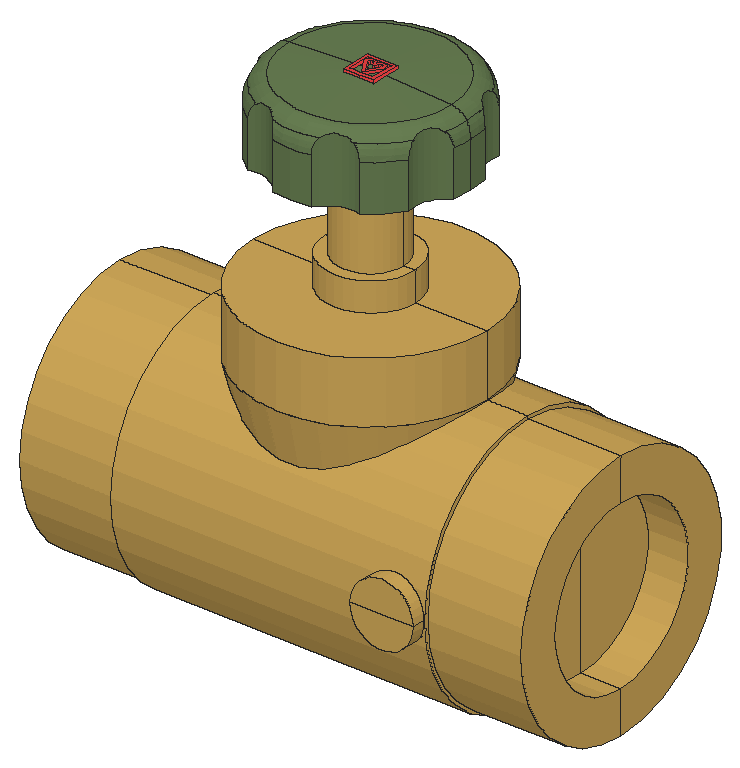
Revit family "Absperrventil 4215 W IG-IG", category Rohrzubehör, Revit 2021
Family settings
  Bemaßung runder Anschluss = Durchmesser verwenden
  Teiletyp = Unterbricht
  OmniClass-Nummer = 23.65.55.14
  OmniClass-Titel = Valves for Liquid Services
  Arbeitsebenenbasiert = Nein
  Immer vertikal = Ja
  Beim Laden mit Abzugskörper schneiden = Nein
  Gemeinsam genutzt = Nein
Parameters
  Vorgabe-Ansicht = 0 mm
  URL = "www.herz-armaturen.at"
  T01 [instance] = size_lookup("4215W_", "T1", 17.5 mm, Nennweite)  # 42 mm
  SC_NennweiteBerechnet = 0
  SC_Dimension = ""
  SCTWSEQ = "FW;SBT_TYP_FW=\"106\";2"
  SCTWCODE = "04;01;02"  # constant formula
  S03 = 60 mm  # constant formula
  S02 [instance] = H01 + H02 + H03  # 93 mm
  S01 [instance] = R01 * 2  # 75 mm
  R08 [instance] = size_lookup("4215W_", "R8", 9.5 mm, Nennweite)  # 9.5 mm
  R07 = 3 mm  # constant formula
  R06 [instance] = size_lookup("4215W_", "R6", 7.8 mm, Nennweite)  # 10 mm
  R05 [instance] = size_lookup("4215W_", "R5", 10.1 mm, Nennweite)  # 13.5 mm
  R04 [instance] = size_lookup("4215W_", "R4", 13.5 mm, Nennweite)  # 35 mm
  R03 [instance] = size_lookup("4215W_", "R3", 15 mm, Nennweite)  # 38.5 mm
  R02 [instance] = Nennweite / 2  # 25 mm
  R01 [instance] = size_lookup("4215W_", "R1", 16 mm, Nennweite)  # 37.5 mm
  Nennweite [instance] = 50 mm
  Min. Durchfluss bei DP 10 kPa [instance] = if(Nennweite = 15 mm, 0.2, if(Nennweite = 20 mm, 0.4, if(Nennweite = 25 mm, 0.7, if(Nennweite = 32 mm, 1.2, if(Nennweite = 40 mm, 1.6, if(Nennweite = 50 mm, 2.7, 0))))))  # 2.7
  Medium = "Trinkwasser"  # constant formula
  Max. Differenzdruck auf geschlossenen Sitz = 1000000.0 Pa  # constant formula
  Max. Betriebstemperatur = 90 °C  # constant formula
  Max. Betriebsdruck = 1000000.0 Pa  # constant formula
  L03 [instance] = size_lookup("4215W_", "L3", 15.5 mm, Nennweite)  # 38 mm
  L02 = 12 mm  # constant formula
  L01 [instance] = size_lookup("4215W_", "L1", 16 mm, Nennweite)  # 28 mm
  L00 [instance] = size_lookup("4215W_", "L", 65 mm, Nennweite)  # 150 mm
  Hinweis = "Gemäß Art 33 der REACH-Verordnung (EG Nr. 1907/2006) sind wir verpflichtet, darauf hinzuweisen, dass der Stoff Blei auf der SVHC-Liste geführt wird und dass alle aus Messing bestehenden Bauteile, die in unseren Erzeugnissen verarbeitet sind, mehr als 0,1 % (w/w) Blei (CAS: 7439-92-1 / EINECS: 231-100-4) enthalten.\r\nDa Blei als Legierungsbestandteil fest gebunden ist, sind keine Expositionen zu erwarten und daher sind keine zusätzlichen Angaben zur sicheren Verwendung notwendig."
  Hersteller = "HERZ Armaturen Ges.m.b.H."  # constant formula
  Handrad = "Kunststoff, grün"  # constant formula
  H04 = 21 mm  # constant formula
  H03 [instance] = size_lookup("4215W_", "H3", 14.6 mm, Nennweite)  # 27.3 mm
  H02 [instance] = size_lookup("4215W_", "H2", 5.4 mm, Nennweite)  # 8.7 mm
  H01 [instance] = size_lookup("4215W_", "H1", 26 mm, Nennweite)  # 57 mm
  H00 [instance] = H01 + H02 + H03  # 93 mm
  Gehäuse = "entzinkungsbeständiges Messing nach EN1982"  # constant formula
  O-Ringe = "EPDM"  # constant formula
  Bestellnummer [instance] = size_lookup("4215W_", "Artnr", 0, Nennweite)  # 2421546
  Anwendungsgebiet = "Zum Absperren von Trinkwasserleitungen und -anlagen in Gebäuden"
Reference planes
  plane 1 "Mitte (Vorne/hinten)": y = 0
  plane 2: z = 0
  plane 3 "Mitte (Links/rechts)": x = 0
Forms (mm)
  Revolve 1, solid, material "Messing, weicher Gelbton, geschweißt", detail levels fine
    sketch origin (470, 0, 0) x (1, 0, 0) y (0, 0, 1)
      loop
        line (-545, 25) -> (-533, 25) -> (-533, 0) -> (-407, 0) -> (-407, 25) -> (-395, 25) -> (-395, 37.5) -> (-423, 37.5) -> (-423, 38.5) -> (-517, 38.5) -> (-517, 37.5) -> (-545, 37.5) -> (-545, 25)
      axis (-545, 0) -> (-395, 0)
    angle from 0 to 360
  Revolve 2, solid, material "Messing, weicher Gelbton, geschweißt", detail levels fine
    sketch origin (0, 0, 0) x (1, 0, 0) y (0, 0, 1)
      loop
        line (0, 0) -> (0, 93) -> (-10, 93) -> (-10, 65.7) -> (-13.5, 65.7) -> (-13.5, 57) -> (-35, 57) -> (-35, 38.5) -> (-25, 0) -> (0, 0)
      axis (0, 93) -> (0, 0)
    angle from 0 to 360
  Revolve 3, solid, material "Messing, weicher Gelbton, geschweißt", detail levels fine
    sketch origin (0, 0, 0) x (1, 0, 0) y (0, 1, 0)
      loop
        line (37, -42) -> (46.5, -42) -> (46.5, -25) -> (40, -25) -> (40, 25) -> (46.5, 25) -> (46.5, 42) -> (37, 42) -> (37, -42)
      axis (37, 42) -> (37, -42)
    angle from 0 to 360
Lines and regions (mm)
  model lines, detail levels coarse+medium
    curve 1: line (-75, 0, -37.5) -> (-75, 0, 37.5)
    curve 2: line (-75, 0, 37.5) -> (75, 0, -37.5)
    curve 3: line (75, 0, -37.5) -> (75, 0, 37.5)
    curve 4: line (75, 0, 37.5) -> (-75, 0, -37.5)
    curve 5: line (0, 0, 0) -> (0, 0, 93)
    curve 6: line (-30, 0, 93) -> (30, 0, 93)
    curve 7: line (-75, 37.5, 0) -> (-75, -37.5, 0)
    curve 8: line (-75, -37.5, 0) -> (75, 37.5, 0)
    curve 9: line (75, 37.5, 0) -> (75, -37.5, 0)
    curve 10: line (75, -37.5, 0) -> (-75, 37.5, 0)
    curve 11: line (0, 0, 0) -> (0, 93, 0)
    curve 12: line (-30, 93, 0) -> (30, 93, 0)
Dimensions and locks
  "L00": Revolve 1 sketch curve to Revolve 1 sketch curve
  equal spacing: Revolve 1 sketch curve, plane 3 "Mitte (Links/rechts)", Revolve 1 sketch curve
  "R01": Revolve 1 sketch curve to Revolve 1 sketch curve  (x2)
  "R02": Revolve 1 sketch curve to Revolve 1 sketch curve  (x2)
  "L01": Revolve 1 sketch curve to Revolve 1 sketch curve  (x2)
  "L02": Revolve 1 sketch curve to Revolve 1 sketch curve  (x2)
  "R03": Revolve 1 sketch curve to Revolve 1 sketch curve
  "R03": Revolve 2 sketch curve to Revolve 2 sketch curve
  "R02": Revolve 2 sketch curve to Revolve 2 sketch curve
  "R04": Revolve 2 sketch curve to Revolve 2 sketch curve
  "R05": Revolve 2 sketch curve to Revolve 2 sketch curve
  "R06": Revolve 2 sketch curve to Revolve 2 sketch curve
  "H01": Revolve 2 sketch curve to plane 2
  "T01": Revolve 3 sketch curve to plane 1 "Mitte (Vorne/hinten)" to Revolve 3 sketch curve
  "L03": Revolve 3 sketch curve to Revolve 1
  "R02": Revolve 3 sketch curve to plane 1 "Mitte (Vorne/hinten)"
  "R02": plane 1 "Mitte (Vorne/hinten)" to Revolve 3 sketch curve
  "R07": Revolve 3 sketch curve to Revolve 3 sketch curve
  "R08": Revolve 3 sketch curve to Revolve 3 sketch curve
  "H02": Revolve 2 sketch curve to Revolve 2 sketch curve
  "H03": Revolve 2 sketch curve to Revolve 2 sketch curve
  "H00": nested 1 to plane 2
  "H04": nested 2 to Revolve 2
  equal spacing: curve 3, plane 3 "Mitte (Links/rechts)", curve 1
  "L00": curve 3 to curve 1
  equal spacing: curve 2, plane 2, curve 4
  "S01": curve 2 to curve 4
  equal spacing: curve 4, plane 2, curve 3
  "S01": curve 4 to curve 3
  "S02": curve 5 to plane 2
  equal spacing: curve 6, curve 5, curve 6
  "S03": curve 6 to curve 6
  equal spacing: curve 7, plane 3 "Mitte (Links/rechts)", curve 9
  "L00": curve 7 to curve 9
  equal spacing: curve 10, plane 1 "Mitte (Vorne/hinten)", curve 9
  equal spacing: curve 8, plane 1 "Mitte (Vorne/hinten)", curve 10
  "S01": curve 9 to curve 10
  "S01": curve 10 to curve 8
  equal spacing: curve 12, plane 3 "Mitte (Links/rechts)", curve 12
  "S02": plane 1 "Mitte (Vorne/hinten)" to curve 11
  "S03": curve 12 to curve 12
  aligned and locked: level to plane 2
Automatic sketch dimensions
  curve 5 to level = 0 mm
  plane 1 "Mitte (Vorne/hinten)" to curve 11 = 0 mm
  Revolve 1 sketch curve to level = 0 mm  (x2)
  Revolve 1 sketch curve to Revolve 1 sketch curve = 791.99 mm
  Revolve 1 sketch curve to Revolve 1 sketch curve = 2278.983 mm
  Revolve 2 sketch curve to level = 0 mm
  Revolve 2 sketch curve to plane 3 "Mitte (Links/rechts)" = 0 mm  (x2)
  Revolve 2 sketch curve to level = 366.045 mm
  Revolve 2 sketch curve to Revolve 2 sketch curve = 2165.278 mm
  Revolve 3 sketch curve to Revolve 3 sketch curve = 9.5 mm
  Revolve 3 sketch curve to Revolve 3 sketch curve = 0 mm
  Revolve 3 sketch curve to Revolve 3 sketch curve = 4.553 mm
  Revolve 3 sketch curve to Revolve 3 sketch curve = 3.768 mm
Nested families
  nested 1: "Strömax-Handrad (Grün)" at (0, 0, 93), type "Strömax-Handrad (Grün)", detail levels fine
    with Nennweite 0 mm, Gewicht 0.00 kg, Bestellnummer 0
  nested 2: "Herz-Logo" at (0, 0, 114), type "Herz-Logo", detail levels fine
Connectors
  piping at (-63, 0, 0), diameter 50, driven by "Nennweite"
    settings: on Revolve 1, index 1, connector inside diameter 609.6 mm, connector length 0 mm, flow factor 0, pipe flow 0.0 L/s, pressure drop 0.0 Pa, fitting loss kfactor 0, connector angle 0.00°, fixture units 0, engagement length 0 mm, angle of deflection 0.00°, flow configuration 0, flow direction 1, fitting loss method 0, system type 29, joint type 0, gender type 0, connector reference index -1, connector utility 0, adjustable connector no, is connector primary yes, connector description ""
  piping at (63, 0, 0), diameter 50, driven by "Nennweite"
    settings: on Revolve 1, index 2, connector inside diameter 609.6 mm, connector length 0 mm, flow factor 0, pipe flow 0.0 L/s, pressure drop 0.0 Pa, fitting loss kfactor 0, connector angle 0.00°, fixture units 0, engagement length 0 mm, angle of deflection 0.00°, flow configuration 0, flow direction 2, fitting loss method 0, system type 29, joint type 0, gender type 0, connector reference index -1, connector utility 0, adjustable connector no, is connector primary no, connector description ""
Definition of nested family "Strömax-Handrad (Grün)"
  Parameters (values of type "Strömax-Handrad (Grün)")
    Default Elevation = 0 mm
    URL = "www.herz-armaturen.at"
    Nennweite [instance] = 0 mm
    Manufacturer = "Herz Armaturen GmbH"  # constant formula
    Gewicht [instance] = 0.00 kg
    Bestellnummer [instance] = 0
  Reference planes
    plane 1 "Mitte (Vorne/hinten)": y = 0
    plane 2: z = 0
    plane 3 "Mitte (Links/rechts)": x = 0
  Forms (mm)
    Revolve 1, solid
      sketch origin (0, 0, 0) x (1, 0, 0) y (0, 0, 1)
        loop
          line (0, 0) -> (0, 22)
          arc (0, 22) -> (-12.15, 21.705) -> (-24.271, 20.819) r 250
          arc (-24.271, 20.819) -> (-26.831, 19.959) -> (-28.754, 18.063) r 6
          arc (-28.754, 18.063) -> (-29.682, 16.008) -> (-30, 13.776) r 8
          line (-30, 13.776) -> (-30, 0) -> (0, 0)
        axis (0, 22) -> (0, 0)
      angle from 0 to 360
    Extrusion 2, void
      sketch origin (0, 0, 0) x (1, 0, 0) y (0, 1, 0)
        loop
          circle (14.351, -34.645) r 10
      from 0 to 22
    Extrusion 3, void
      sketch origin (0, 0, 0) x (-1, 0, 0) y (0, -1, 0)
        loop
          circle (14.351, 34.645) r 10
      from 0 to 22
    Extrusion 4, void
      sketch origin (0, 0, 0) x (0, -1, 0) y (1, 0, 0)
        loop
          circle (14.351, 34.645) r 10
      from 0 to 22
    Extrusion 5, void
      sketch origin (0, 0, 0) x (0, 1, 0) y (-1, 0, 0)
        loop
          circle (14.351, -34.645) r 10
      from 0 to 22
    Extrusion 6, void
      sketch origin (0, 0, 0) x (0, -1, 0) y (1, 0, 0)
        loop
          circle (14.351, -34.645) r 10
      from 0 to 22
    Extrusion 7, void
      sketch origin (0, 0, 0) x (0, 1, 0) y (-1, 0, 0)
        loop
          circle (14.351, 34.645) r 10
      from 0 to 22
    Extrusion 8, void
      sketch origin (0, 0, 0) x (1, 0, 0) y (0, 1, 0)
        loop
          circle (14.351, 34.645) r 10
      from 0 to 22
    Extrusion 9, void
      sketch origin (0, 0, 0) x (-1, 0, 0) y (0, -1, 0)
        loop
          circle (14.351, -34.645) r 10
      from 0 to 22
  Cuts and joins
    Extrusion 2, Extrusion 3, Extrusion 4, Extrusion 5, Extrusion 6, Extrusion 7, Extrusion 8, Extrusion 9 cuts Revolve 1
  Dimensions and locks
    aligned and locked: level to plane 2
Definition of nested family "Herz-Logo"
  Parameters (values of type "Herz-Logo")
    Default Elevation = 0 mm
  Reference planes
    plane 1 "Mitte (Vorne/hinten)": y = 0
    plane 2: z = 0
    plane 3 "Mitte (Links/rechts)": x = 0
  Forms (mm)
    Extrusion 1, solid
      sketch origin (0, 0, 0) x (1, 0, 0) y (0, 1, 0)
        loop
          line (-0.018, -4.517) -> (4.482, -4.517) -> (4.482, 4.483) -> (-4.518, 4.483) -> (-4.518, -4.517) -> (-0.018, -4.517)
        loop
          line (-0.05, -3.48) -> (3.482, -3.48) -> (3.482, 3.483) -> (-3.518, 3.483) -> (-3.518, -3.48) -> (-0.05, -3.48)
        loop
          arc (-0.018, 2.383) -> (-1.543, 3.287) -> (-3.067, 2.383) r 1.738
          arc (-3.067, 2.383) -> (-3.191, 1.899) -> (-3.067, 1.415) r 1.009
          line (-3.067, 1.415) -> (-0.018, -3.281) -> (3.032, 1.415)
          arc (3.032, 1.415) -> (3.156, 1.899) -> (3.032, 2.383) r 1.009
          arc (3.032, 2.383) -> (1.507, 3.287) -> (-0.018, 2.383) r 1.738
        loop
          arc (1.885, 1.272) -> (2.005, 1.675) -> (1.885, 2.079) r 0.74
          arc (1.885, 2.079) -> (1.265, 2.416) -> (0.644, 2.079) r 0.74
          line (0.644, 2.079) -> (-0.018, 0.97) -> (-0.679, 2.079)
          arc (-0.679, 2.079) -> (-1.3, 2.416) -> (-1.921, 2.079) r 0.74
          arc (-1.921, 2.079) -> (-2.04, 1.675) -> (-1.921, 1.272) r 0.74
          line (-1.921, 1.272) -> (-0.018, -1.658) -> (1.885, 1.272)
      from 0 to 1.5
  Dimensions and locks
    aligned and locked: level to plane 2
